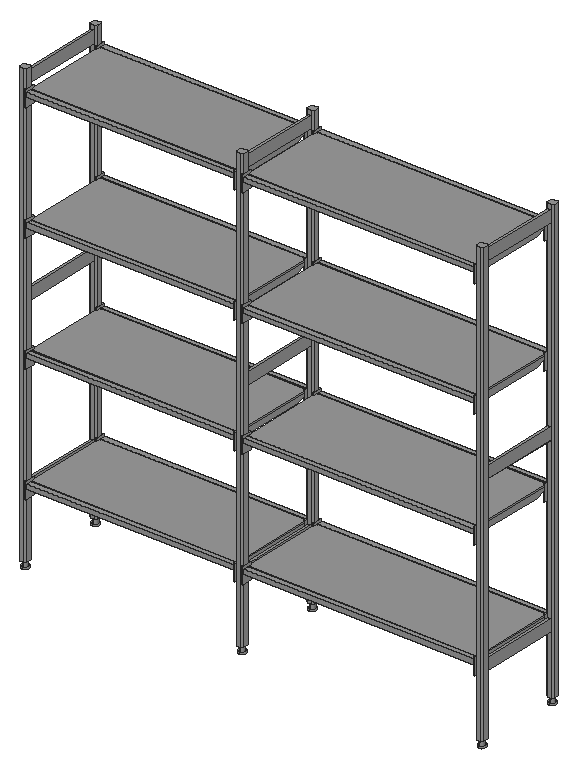
Revit family "QF_ZANUSSI_137021_ALS1784", category Attrezzature speciali, Revit 2020
Family settings
  Quota connettore circolare = Usa diametro
  Tipo di parte = Normale
  Basato su piano di lavoro = No
  Sempre verticale = Sì
  Taglio con vuoti quando caricato = No
  Condiviso = No
  Punto di calcolo locali = No
Parameters (values of type "Standard")
  Weight = 32.00 kg
  Watts = 0 W
  Volts = 0 V
  URL Manufacturer = "http://www.zanussiprofessional.com"
  URL = "http://www.zanussiprofessional.com"
  Steam Supply Size = 0 mm
  Steam Supply Minimum Pressure = 0.0 Pa
  Steam Supply Maximum Pressure = 0.0 Pa
  Steam Consumption per Hour = 0
  Refrigeration Suction Line Size = 0.0 mm
  Refrigeration Liquid Line Size = 0.0 mm
  Refrigerant Compressor Remote = yes
  Prospetto di default = 0.0 mm
  Phase = 0
  Modello = "ALS1784"
  Produttore = "Zanussi"
  Length Actual = 1784.0 mm  # constant formula
  Item Number = "137021"
  Hot Water Size = 0 mm
  Height Actual = 1700.0 mm  # constant formula
  HP = "0 HP"
  Gas Size = 0 mm
  Gas KW = 0
  Gas Input Pressure = 0 W
  Direct Waste Size = 0 mm
  Descrizione = "ALUM.LINEAR SHELV.-POLY.TIERS-373X1784MM"
  Depth Actual = 373.0 mm  # constant formula
  Cycle = 0 Hz
  Condensate Return Size = 0 mm
  Compressed Air Volume = 0.0 L/s
  Compressed Air Size = 0 mm
  Compressed Air Pressure = 0.0 Pa
  Cold Water Size = 0 mm
  Accessory = yes
Reference planes
  plane 1: z = 0
  plane 2 "CenterLeft": x = -31
  plane 3 "LEFT": x = -417
  plane 4 "BACK": y = 23
  plane 5 "FRONT": y = -350
  plane 6 "TOP": z = 1700
  plane 7: x = -385
  plane 8: x = 413
  plane 9 "Center (Front/Back)": y = -163.5
  plane 10: y = -8.5
  plane 11: y = -318.5
  plane 12 "FEET": z = 25
  plane 13: z = 275
  plane 14: z = 725
  plane 15: z = 1175
  plane 16: z = 1625
  plane 17 "CXLeft": x = -403
  plane 18 "Center (Left/Right)": x = 431
  plane 19: y = 5.5
  plane 20 "CYBack": y = 5.5
  plane 21 "CYFront": y = -332.5
  plane 22 "RIGHT": x = 1367
  plane 23: x = 1335
  plane 24 "CXRight": x = 1353
  plane 25: x = 449
Forms (mm)
  Extrusion 1, solid, material "QF_Aluminum"
    sketch origin (-417, 0, -4.006) x (0, 1, 0) y (0, 0, 1)
      loop
        line (-12, 1637.003) -> (4, 1637.003) -> (4, 1655) -> (2.007, 1655) -> (2.007, 1648.501) -> (-329, 1648.501) -> (-329, 1655) -> (-331, 1655) -> (-331, 1637.003) -> (-315, 1637.003) -> (-281, 1625) -> (-46, 1625) -> (-12, 1637.003)
      loop
        line (-12, 1187.003) -> (4, 1187.003) -> (4, 1205) -> (2.007, 1205) -> (2.007, 1198.501) -> (-329, 1198.501) -> (-329, 1205) -> (-331, 1205) -> (-331, 1187.003) -> (-315, 1187.003) -> (-281, 1175) -> (-46, 1175) -> (-12, 1187.003)
      loop
        line (-12, 737.003) -> (4, 737.003) -> (4, 755) -> (2.007, 755) -> (2.007, 748.501) -> (-329, 748.501) -> (-329, 755) -> (-331, 755) -> (-331, 737.003) -> (-315, 737.003) -> (-281, 725) -> (-46, 725) -> (-12, 737.003)
      loop
        line (-12, 287.003) -> (4, 287.003) -> (4, 305) -> (2.007, 305) -> (2.007, 298.501) -> (-329, 298.501) -> (-329, 305) -> (-331, 305) -> (-331, 287.003) -> (-315, 287.003) -> (-281, 275) -> (-46, 275) -> (-12, 287.003)
    from 37 to 32
  Extrusion 2, solid, material "QF_Aluminum"
    sketch origin (-417, 0, 0) x (0, 1, 0) y (0, 0, 1)
      loop
        line (23, 246.005) -> (23, 307.993) -> (-12.993, 307.993) -> (-12.993, 246.005) -> (23, 246.005)
      loop
        line (-350, 246.005) -> (-314.007, 246.005) -> (-314.007, 307.993) -> (-350, 307.993) -> (-350, 246.005)
      loop
        line (23, 696.005) -> (23, 757.993) -> (-12.993, 757.993) -> (-12.993, 696.005) -> (23, 696.005)
      loop
        line (-350, 696.005) -> (-314.007, 696.005) -> (-314.007, 757.993) -> (-350, 757.993) -> (-350, 696.005)
      loop
        line (23, 1146.005) -> (23, 1207.993) -> (-12.993, 1207.993) -> (-12.993, 1146.005) -> (23, 1146.005)
      loop
        line (-350, 1146.005) -> (-314.007, 1146.005) -> (-314.007, 1207.993) -> (-350, 1207.993) -> (-350, 1146.005)
      loop
        line (23, 1596.005) -> (23, 1657.993) -> (-12.993, 1657.993) -> (-12.993, 1596.005) -> (23, 1596.005)
      loop
        line (-350, 1596.005) -> (-314.007, 1596.005) -> (-314.007, 1657.993) -> (-350, 1657.993) -> (-350, 1596.005)
    from 28 to 32
  Extrusion 3, solid, material "QF_Aluminum"
    sketch origin (-417, 0, 0) x (0, 1, 0) y (0, 0, 1)
      loop
        line (4, 1650.994) -> (4, 1632.998) -> (23, 1632.998) -> (23, 1650.994) -> (4, 1650.994)
      loop
        line (-331, 1650.994) -> (-350, 1650.994) -> (-350, 1632.998) -> (-331, 1632.998) -> (-331, 1650.994)
      loop
        line (4, 1200.994) -> (4, 1182.998) -> (23, 1182.998) -> (23, 1200.994) -> (4, 1200.994)
      loop
        line (-331, 1200.994) -> (-350, 1200.994) -> (-350, 1182.998) -> (-331, 1182.998) -> (-331, 1200.994)
      loop
        line (4, 750.994) -> (4, 732.998) -> (23, 732.998) -> (23, 750.994) -> (4, 750.994)
      loop
        line (-331, 750.994) -> (-350, 750.994) -> (-350, 732.998) -> (-331, 732.998) -> (-331, 750.994)
      loop
        line (4, 300.994) -> (4, 282.998) -> (23, 282.998) -> (23, 300.994) -> (4, 300.994)
      loop
        line (-331, 300.994) -> (-350, 300.994) -> (-350, 282.998) -> (-331, 282.998) -> (-331, 300.994)
    from 32 to 830
  Extrusion 4, solid, material "QF_Polyethylene"
    sketch origin (-417, 0, 0) x (0, 1, 0) y (0, 0, 1)
      loop
        line (2.007, 1650.994) -> (-329, 1650.994) -> (-329, 1644.496) -> (2.007, 1644.496) -> (2.007, 1650.994)
      loop
        line (2.007, 1200.994) -> (-329, 1200.994) -> (-329, 1194.496) -> (2.007, 1194.496) -> (2.007, 1200.994)
      loop
        line (2.007, 750.994) -> (-329, 750.994) -> (-329, 744.496) -> (2.007, 744.496) -> (2.007, 750.994)
      loop
        line (2.007, 300.994) -> (-329, 300.994) -> (-329, 294.496) -> (2.007, 294.496) -> (2.007, 300.994)
    from 32 to 830
  Extrusion 5, solid, material "QF_Aluminum"
    sketch origin (1367, 0, 0) x (0, 1, 0) y (0, 0, 1)
      loop
        line (4, 1650.994) -> (4, 1632.998) -> (23, 1632.998) -> (23, 1650.994) -> (4, 1650.994)
      loop
        line (-331, 1650.994) -> (-350, 1650.994) -> (-350, 1632.998) -> (-331, 1632.998) -> (-331, 1650.994)
      loop
        line (4, 1200.994) -> (4, 1182.998) -> (23, 1182.998) -> (23, 1200.994) -> (4, 1200.994)
      loop
        line (-331, 1200.994) -> (-350, 1200.994) -> (-350, 1182.998) -> (-331, 1182.998) -> (-331, 1200.994)
      loop
        line (4, 750.994) -> (4, 732.998) -> (23, 732.998) -> (23, 750.994) -> (4, 750.994)
      loop
        line (-331, 750.994) -> (-350, 750.994) -> (-350, 732.998) -> (-331, 732.998) -> (-331, 750.994)
      loop
        line (4, 300.994) -> (4, 282.998) -> (23, 282.998) -> (23, 300.994) -> (4, 300.994)
      loop
        line (-331, 300.994) -> (-350, 300.994) -> (-350, 282.998) -> (-331, 282.998) -> (-331, 300.994)
    from -32 to -918
  Extrusion 6, solid, material "QF_Polyethylene"
    sketch origin (1367, 0, 0) x (0, 1, 0) y (0, 0, 1)
      loop
        line (2.007, 1650.994) -> (-329, 1650.994) -> (-329, 1644.496) -> (2.007, 1644.496) -> (2.007, 1650.994)
      loop
        line (2.007, 1200.994) -> (-329, 1200.994) -> (-329, 1194.496) -> (2.007, 1194.496) -> (2.007, 1200.994)
      loop
        line (2.007, 750.994) -> (-329, 750.994) -> (-329, 744.496) -> (2.007, 744.496) -> (2.007, 750.994)
      loop
        line (2.007, 300.994) -> (-329, 300.994) -> (-329, 294.496) -> (2.007, 294.496) -> (2.007, 300.994)
    from -32 to -918
Lines and regions (mm)
  symbolic lines
    curve 1: line (413, 4, 1700) -> (-385, 4, 1700)
    curve 2: line (-408, -8.5, 1700) -> (-408, -318.5, 1700)
    curve 3: line (-398, -318.5, 1700) -> (-398, -8.5, 1700)
    curve 4: line (-389, 23, 1700) -> (417, 23, 1700)
    curve 5: line (-385, -350, 1700) -> (413, -350, 1700)
    curve 6: line (445, 23, 1700) -> (1339, 23, 1700)
    curve 7: line (445, -350, 1700) -> (1339, -350, 1700)
    curve 8: line (-385, -331, 1700) -> (413, -331, 1700)
    curve 9: line (449, -331, 1700) -> (1335, -331, 1700)
    curve 10: line (449, 4, 1700) -> (1335, 4, 1700)
    curve 11: line (1335, -12.993, 1700) -> (1335, -314.007, 1700)
    curve 12: line (413, -12.993, 1700) -> (413, -314.007, 1700)
    curve 13: line (449, -314.007, 1700) -> (449, -12.993, 1700)
    curve 14: line (-385, -12.993, 1700) -> (-385, -314.007, 1700)
Dimensions and locks
  plane 3 "LEFT" to plane 2 "CenterLeft" = 386.0 mm
  locked: plane 6 "TOP" to level at 1700
  locked: plane 4 "BACK" to plane 5 "FRONT" at 373
  locked: plane 7 to plane 8 at 798
  locked: plane 10 to plane 11 at 310
  equal spacing: plane 10, plane 9 "Center (Front/Back)", plane 11
  equal spacing: plane 4 "BACK", plane 9 "Center (Front/Back)", plane 5 "FRONT"
  plane 12 "FEET" to level = 25.0 mm
  plane 6 "TOP" to plane 12 "FEET" = 1675.0 mm
  plane 13 to plane 12 "FEET" = 250.0 mm
  plane 14 to plane 13 = 450.0 mm
  plane 15 to plane 14 = 450.0 mm
  plane 16 to plane 15 = 450.0 mm
  locked: plane 4 "BACK" to plane 20 "CYBack" at 17.5
  locked: plane 21 "CYFront" to plane 5 "FRONT" at 17.5
  locked: plane 4 "BACK" to Extrusion 1 at 19
  locked: Extrusion 1 to plane 5 "FRONT" at 19
  Extrusion 1 sketch curve to plane 21 "CYFront" = 3.5 mm
  plane 3 "LEFT" to plane 22 "RIGHT" = 1784.0 mm
  locked: plane 25 to plane 23 at 886
  locked: plane 8 to plane 18 "Center (Left/Right)" at 18
  locked: plane 18 "Center (Left/Right)" to plane 25 at 18
  locked: plane 3 "LEFT" to plane 7 at 32
  locked: plane 24 "CXRight" to plane 22 "RIGHT" at 14
  aligned and locked: level to plane 1
  aligned and locked: plane 7 to Extrusion 1
  aligned and locked: Extrusion 2 to plane 7
  aligned and locked: plane 7 to Extrusion 4
  aligned and locked: Extrusion 4 to plane 8
  aligned and locked: plane 7 to Extrusion 3
  aligned and locked: Extrusion 3 to plane 8
  aligned and locked: Extrusion 3 sketch curve to Extrusion 1
  aligned and locked: Extrusion 1 to Extrusion 3 sketch curve
  aligned and locked: Extrusion 3 sketch curve to Extrusion 3 sketch curve  (x2)
  aligned and locked: Extrusion 1 sketch curve to Extrusion 1 sketch curve  (x3)
  aligned and locked: Extrusion 4 sketch curve to Extrusion 1  (x4)
  aligned and locked: Extrusion 5 sketch curve to Extrusion 5 sketch curve  (x2)
  aligned and locked: Extrusion 5 to plane 25
  aligned and locked: Extrusion 6 to plane 25
  aligned and locked: plane 18 "Center (Left/Right)" to nested 3
  aligned and locked: plane 17 "CXLeft" to nested 1
  aligned and locked: Extrusion 3 to plane 7  (x3)
  aligned and locked: plane 8 to Extrusion 3  (x4)
  aligned and locked: plane 25 to Extrusion 5  (x4)
  aligned and locked: plane 25 to Extrusion 6  (x4)
  aligned and locked: plane 8 to Extrusion 4  (x4)
  aligned and locked: plane 24 "CXRight" to nested 2
  aligned and locked: Extrusion 5 to plane 23
  aligned and locked: Extrusion 6 to plane 23
  aligned and locked: plane 23 to Extrusion 5  (x3)
  aligned and locked: plane 23 to Extrusion 6  (x3)
Automatic sketch dimensions
  plane 21 "CYFront" to Extrusion 1 sketch curve = 1.5 mm  (x4)
  plane 11 to Extrusion 1 sketch curve = 3.5 mm  (x4)
  Extrusion 1 sketch curve to plane 13 = 4.006 mm
  Extrusion 1 sketch curve to Extrusion 1 sketch curve = 34.0 mm  (x4)
  Extrusion 1 sketch curve to plane 14 = 4.006 mm
  Extrusion 1 sketch curve to plane 15 = 4.006 mm
  Extrusion 1 sketch curve to plane 16 = 4.006 mm
  Extrusion 1 sketch curve to plane 10 = 37.5 mm  (x4)
  Extrusion 1 sketch curve to plane 10 = 3.5 mm  (x4)
  plane 19 to Extrusion 1 sketch curve = 3.493 mm  (x4)
  plane 19 to Extrusion 1 sketch curve = 1.5 mm  (x4)
  plane 13 to Extrusion 1 sketch curve = 7.998 mm  (x2)
  Extrusion 1 sketch curve to Extrusion 1 sketch curve = 11.498 mm  (x4)
  Extrusion 1 sketch curve to Extrusion 1 sketch curve = 6.499 mm  (x8)
  plane 14 to Extrusion 1 sketch curve = 7.998 mm  (x2)
  plane 15 to Extrusion 1 sketch curve = 7.998 mm  (x2)
  plane 16 to Extrusion 1 sketch curve = 7.998 mm  (x2)
  Extrusion 2 sketch curve to plane 5 "FRONT" = 0.0 mm  (x4)
  Extrusion 2 sketch curve to plane 4 "BACK" = 0.0 mm  (x4)
  plane 11 to Extrusion 2 sketch curve = 4.493 mm  (x4)
  Extrusion 2 sketch curve to plane 10 = 4.493 mm  (x4)
  Extrusion 2 sketch curve to plane 13 = 28.995 mm  (x2)
  plane 13 to Extrusion 2 sketch curve = 32.993 mm  (x2)
  Extrusion 2 sketch curve to plane 14 = 28.995 mm  (x2)
  plane 14 to Extrusion 2 sketch curve = 32.993 mm  (x2)
  Extrusion 2 sketch curve to plane 15 = 28.995 mm  (x2)
  plane 15 to Extrusion 2 sketch curve = 32.993 mm  (x2)
  Extrusion 2 sketch curve to plane 16 = 28.995 mm  (x2)
  plane 16 to Extrusion 2 sketch curve = 32.993 mm  (x2)
  Extrusion 3 sketch curve to plane 5 "FRONT" = 0.0 mm  (x4)
  Extrusion 3 sketch curve to plane 4 "BACK" = 0.0 mm  (x4)
  plane 19 to Extrusion 3 sketch curve = 1.5 mm  (x4)
  plane 13 to Extrusion 3 sketch curve = 7.998 mm  (x2)
  Extrusion 3 sketch curve to Extrusion 3 sketch curve = 17.997 mm  (x8)
  plane 14 to Extrusion 3 sketch curve = 7.998 mm  (x2)
  plane 15 to Extrusion 3 sketch curve = 7.998 mm  (x2)
  plane 16 to Extrusion 3 sketch curve = 7.998 mm  (x2)
  plane 19 to Extrusion 4 sketch curve = 3.493 mm  (x4)
  plane 13 to Extrusion 4 sketch curve = 19.496 mm
  Extrusion 4 sketch curve to Extrusion 4 sketch curve = 6.499 mm  (x4)
  plane 14 to Extrusion 4 sketch curve = 19.496 mm
  plane 15 to Extrusion 4 sketch curve = 19.496 mm
  plane 16 to Extrusion 4 sketch curve = 19.496 mm
  Extrusion 5 sketch curve to plane 5 "FRONT" = 0.0 mm  (x4)
  Extrusion 5 sketch curve to plane 4 "BACK" = 0.0 mm  (x4)
  plane 21 "CYFront" to Extrusion 5 sketch curve = 1.5 mm  (x2)
  plane 19 to Extrusion 5 sketch curve = 1.5 mm  (x4)
  plane 13 to Extrusion 5 sketch curve = 7.998 mm  (x2)
  Extrusion 5 sketch curve to Extrusion 5 sketch curve = 17.997 mm  (x8)
  plane 14 to Extrusion 5 sketch curve = 7.998 mm  (x2)
  plane 15 to Extrusion 5 sketch curve = 7.998 mm  (x2)
  plane 16 to Extrusion 5 sketch curve = 7.998 mm  (x2)
  plane 21 "CYFront" to Extrusion 6 sketch curve = 3.5 mm  (x4)
  plane 19 to Extrusion 6 sketch curve = 3.493 mm  (x4)
  plane 13 to Extrusion 6 sketch curve = 19.496 mm
  Extrusion 6 sketch curve to Extrusion 6 sketch curve = 6.499 mm  (x4)
  plane 14 to Extrusion 6 sketch curve = 19.496 mm
  plane 15 to Extrusion 6 sketch curve = 19.496 mm
  plane 16 to Extrusion 6 sketch curve = 19.496 mm
  curve 7 to plane 5 "FRONT" = 0.0 mm
  curve 5 to plane 5 "FRONT" = 0.0 mm
  curve 8 to plane 8 = 0.0 mm
  curve 9 to plane 25 = 0.0 mm
  curve 9 to plane 23 = 0.0 mm
  curve 8 to plane 7 = 0.0 mm
  curve 2 to plane 11 = 0.0 mm
  curve 3 to plane 11 = 0.0 mm
  curve 14 to plane 7 = 0.0 mm
  curve 13 to plane 25 = 0.0 mm
  curve 12 to plane 8 = 0.0 mm
  curve 11 to plane 23 = 0.0 mm
  curve 3 to plane 10 = 0.0 mm
  curve 2 to plane 10 = 0.0 mm
  curve 1 to plane 8 = 0.0 mm
  curve 1 to plane 7 = 0.0 mm
  curve 10 to plane 23 = 0.0 mm
  curve 10 to plane 25 = 0.0 mm
  curve 4 to plane 4 "BACK" = 0.0 mm
  curve 6 to plane 4 "BACK" = 0.0 mm
  curve 5 to plane 8 = 0.0 mm
  curve 5 to plane 7 = 0.0 mm
  plane 21 "CYFront" to curve 8 = 1.5 mm
  plane 21 "CYFront" to curve 9 = 1.5 mm
  plane 11 to curve 14 = 4.493 mm
  plane 11 to curve 13 = 4.493 mm
  plane 11 to curve 12 = 4.493 mm
  plane 11 to curve 11 = 4.493 mm
  curve 14 to plane 10 = 4.493 mm
  curve 13 to plane 10 = 4.493 mm
  curve 12 to plane 10 = 4.493 mm
  curve 11 to plane 10 = 4.493 mm
  plane 19 to curve 1 = 1.5 mm
  plane 19 to curve 10 = 1.5 mm
  curve 6 to plane 23 = 4.0 mm
  curve 7 to plane 23 = 4.0 mm
  curve 6 to plane 25 = 4.0 mm
  curve 7 to plane 25 = 4.0 mm
  curve 4 to plane 8 = 4.0 mm
  plane 7 to curve 4 = 4.0 mm
  plane 17 "CXLeft" to curve 3 = 5.0 mm
  curve 2 to plane 17 "CXLeft" = 5.0 mm
Nested families
  nested 1: "WT_Anta373" at (0, 0, 0), type "WT_Anta373"
  nested 2: "WT_Anta373" at (950, 0, 0) x (-1, 0, 0) z (0, 0, 1), type "WT_Anta373"
  nested 3: "WT_Anta373Center" at (834, 0, 0), type "WT_Anta373Center"
Definition of nested family "WT_Anta373"
  Parameters
    WidthLeft = A + 64.0 mm  # 772.0 mm
    Width = 1606.0 mm
    Right = WidthLeft / 2  # 386.0 mm
    Default Elevation = 0.0 mm
    Left = -WidthLeft / 2  # -386.0 mm
    Height = 1725.0 mm
    FEET = 25.0 mm
    E = 0.0 mm
    Dint = Depth - 63.0 mm  # 310.0 mm
    Dext = Depth - 8.0 mm  # 365.0 mm
    Depth = 373.0 mm
    DX = (WidthLeft - A) / 2  # 32.0 mm
    B = 798.0 mm
    A = 708.0 mm
  Reference planes
    plane 1: z = 0
    plane 2 "LEFT": x = -417
    plane 3 "BACK": y = 23
    plane 4 "FRONT": y = -350
    plane 5 "TOP": z = 1725
    plane 6 "Center (Front/Back)": y = -163.5
    plane 7: y = -8.5
    plane 8: y = -318.5
    plane 9 "FEET": z = 25
    plane 10: z = 275
    plane 11: z = 725
    plane 12: z = 1175
    plane 13: z = 1625
    plane 14 "CXLeft": x = -403
    plane 15: y = 5.5
    plane 16 "CYBack": y = 5.5
    plane 17 "CYFront": y = -332.5
    plane 18: x = -385.031
    plane 19: x = -380.031
  Forms (mm)
    Extrusion 1, solid
      sketch origin (0, 0, 0) x (1, 0, 0) y (0, 1, 0)
        loop
          line (-417, 13.246) -> (-417, -2.246) -> (-410.746, -8.5) -> (-395.254, -8.5) -> (-389, -2.246) -> (-389, 13.246) -> (-395.254, 19.5) -> (-410.746, 19.5) -> (-417, 13.246)
      from 1725 to 25
    Extrusion 2, solid
      sketch origin (-417, 0, 0) x (0, 1, 0) y (0, 0, 1)
        loop
          line (23, 246.005) -> (23, 307.993) -> (-12.993, 307.993) -> (-12.993, 246.005) -> (23, 246.005)
        loop
          line (-350, 246.005) -> (-314.007, 246.005) -> (-314.007, 307.993) -> (-350, 307.993) -> (-350, 246.005)
        loop
          line (23, 696.005) -> (23, 757.993) -> (-12.993, 757.993) -> (-12.993, 696.005) -> (23, 696.005)
        loop
          line (-350, 696.005) -> (-314.007, 696.005) -> (-314.007, 757.993) -> (-350, 757.993) -> (-350, 696.005)
        loop
          line (23, 1146.005) -> (23, 1207.993) -> (-12.993, 1207.993) -> (-12.993, 1146.005) -> (23, 1146.005)
        loop
          line (-350, 1146.005) -> (-314.007, 1146.005) -> (-314.007, 1207.993) -> (-350, 1207.993) -> (-350, 1146.005)
        loop
          line (23, 1596.005) -> (23, 1657.993) -> (-12.993, 1657.993) -> (-12.993, 1596.005) -> (23, 1596.005)
        loop
          line (-350, 1596.005) -> (-314.007, 1596.005) -> (-314.007, 1657.993) -> (-350, 1657.993) -> (-350, 1596.005)
      from 28 to 32
    Revolve 3, solid
      sketch origin (-403, 0, 0) x (0, 1, 0) y (0, 0, 1)
        loop
          line (5.5, 25) -> (5.5, 0) -> (19, 0) -> (19, 5) -> (14, 5) -> (14, 25) -> (5.5, 25)
        axis (5.5, 25) -> (5.5, 0)
      angle from 0 to 360
    Extrusion 4, solid
      sketch origin (-403, 0, 0) x (0, 1, 0) y (0, 0, 1)
        loop
          line (-8.5, 912.382) -> (-8.5, 957.374) -> (-318.5, 957.374) -> (-318.5, 912.382) -> (-8.5, 912.382)
        loop
          line (-8.5, 1662.244) -> (-8.5, 1707.236) -> (-318.5, 1707.236) -> (-318.5, 1662.244) -> (-8.5, 1662.244)
      from -5 to 5
    Revolve 5, solid
      sketch origin (-403, -627, 0) x (0, -1, 0) y (0, 0, 1)
        loop
          line (-294.5, 25) -> (-294.5, 0) -> (-281, 0) -> (-281, 5) -> (-286, 5) -> (-286, 25) -> (-294.5, 25)
        axis (-294.5, 25) -> (-294.5, 0)
      angle from 0 to 360
    Extrusion 6, solid
      sketch origin (0, -627, 0) x (1, 0, 0) y (0, 1, 0)
        loop
          line (-417, 286.754) -> (-410.746, 280.5) -> (-395.254, 280.5) -> (-389, 286.754) -> (-389, 302.246) -> (-395.254, 308.5) -> (-410.746, 308.5) -> (-417, 302.246) -> (-417, 286.754)
      from 1725 to 25
    Extrusion 7, solid
      sketch origin (-417.031, -0.022, 0) x (0, 1, 0) y (0, 0, -1)
        loop
          line (-12, -1632.998) -> (-46, -1620.994) -> (-281, -1620.994) -> (-315, -1632.998) -> (-331, -1632.998) -> (-331, -1650.994) -> (-329, -1650.994) -> (-329, -1644.496) -> (2.007, -1644.496) -> (2.007, -1650.994) -> (4, -1650.994) -> (4, -1632.998) -> (-12, -1632.998)
        loop
          line (-12, -1182.998) -> (-46, -1170.994) -> (-281, -1170.994) -> (-315, -1182.998) -> (-331, -1182.998) -> (-331, -1200.994) -> (-329, -1200.994) -> (-329, -1194.496) -> (2.007, -1194.496) -> (2.007, -1200.994) -> (4, -1200.994) -> (4, -1182.998) -> (-12, -1182.998)
        loop
          line (-12, -732.998) -> (-46, -720.994) -> (-281, -720.994) -> (-315, -732.998) -> (-331, -732.998) -> (-331, -750.994) -> (-329, -750.994) -> (-329, -744.496) -> (2.007, -744.496) -> (2.007, -750.994) -> (4, -750.994) -> (4, -732.998) -> (-12, -732.998)
        loop
          line (-12, -282.998) -> (-46, -270.994) -> (-281, -270.994) -> (-315, -282.998) -> (-331, -282.998) -> (-331, -300.994) -> (-329, -300.994) -> (-329, -294.496) -> (2.007, -294.496) -> (2.007, -300.994) -> (4, -300.994) -> (4, -282.998) -> (-12, -282.998)
      from -32 to -37
    Extrusion 8, solid
      sketch origin (-403, 0, -659.878) x (0, 1, 0) y (0, 0, 1)
        loop
          line (-8.5, 912.382) -> (-8.5, 957.374) -> (-318.5, 957.374) -> (-318.5, 912.382) -> (-8.5, 912.382)
        loop
          line (-8.5, 1572.382) -> (-8.5, 1617.374) -> (-318.5, 1617.374) -> (-318.5, 1572.382) -> (-8.5, 1572.382)
        loop
          line (-8.5, 2322.382) -> (-8.5, 2367.374) -> (-318.5, 2367.374) -> (-318.5, 2322.382) -> (-8.5, 2322.382)
      from -5 to 5
  Lines and regions (mm)
    symbolic lines
      curve 1: line (-408, -8.5, 1725) -> (-408, -318.5, 1725)
      curve 2: line (-398, -318.5, 1725) -> (-398, -8.5, 1725)
      curve 3: line (-395.254, -8.5, 1725) -> (-410.746, -8.5, 1725)
      curve 4: line (-417, -2.246, 1725) -> (-410.746, -8.5, 1725)
      curve 5: line (-417, 13.246, 1725) -> (-417, -2.246, 1725)
      curve 6: line (-410.746, 19.5, 1725) -> (-417, 13.246, 1725)
      curve 7: line (-395.254, 19.5, 1725) -> (-410.746, 19.5, 1725)
      curve 8: line (-389, 13.246, 1725) -> (-395.254, 19.5, 1725)
      curve 9: line (-395.254, -8.5, 1725) -> (-389, -2.246, 1725)
      curve 10: line (-395.254, -318.5, 1725) -> (-410.746, -318.5, 1725)
      curve 11: line (-417, -324.754, 1725) -> (-410.746, -318.5, 1725)
      curve 12: line (-410.746, -346.5, 1725) -> (-417, -340.246, 1725)
      curve 13: line (-395.254, -346.5, 1725) -> (-410.746, -346.5, 1725)
      curve 14: line (-389, -340.246, 1725) -> (-395.254, -346.5, 1725)
      curve 15: line (-395.254, -318.5, 1725) -> (-389, -324.754, 1725)
      curve 16: line (-389, -350, 1725) -> (-389, -314.007, 1725)
      curve 17: line (-389, -314.007, 1725) -> (-385, -314.007, 1725)
      curve 18: line (-389, 23, 1725) -> (-389, -12.993, 1725)
      curve 19: line (-389, -12.993, 1725) -> (-385, -12.993, 1725)
      curve 20: line (-417, -324.754, 1725) -> (-417, -340.246, 1725)
      curve 21: line (-385, -350, 1725) -> (-385, -314.007, 1725)
      curve 22: line (-385, -350, 1725) -> (-389, -350, 1725)
      curve 23: line (-385, 23, 1725) -> (-389, 23, 1725)
      curve 24: line (-385, -12.993, 1725) -> (-385, 23, 1725)
      curve 25: line (-385.031, -13.016, 1725) -> (-385.031, -314.029, 1725)
  Dimensions and locks
    "Height": plane 5 "TOP" to level
    "Depth": plane 3 "BACK" to plane 4 "FRONT"
    "Dint": plane 7 to plane 8
    equal spacing: plane 7, plane 6 "Center (Front/Back)", plane 8
    equal spacing: plane 3 "BACK", plane 6 "Center (Front/Back)", plane 4 "FRONT"
    plane 9 "FEET" to level = 25.0 mm
    plane 5 "TOP" to plane 9 "FEET" = 1700.0 mm
    plane 10 to plane 9 "FEET" = 250.0 mm
    plane 11 to plane 10 = 450.0 mm
    plane 12 to plane 11 = 450.0 mm
    plane 13 to plane 12 = 450.0 mm
    locked: plane 2 "LEFT" to plane 14 "CXLeft" at 14
    locked: plane 3 "BACK" to plane 16 "CYBack" at 17.5
    locked: plane 17 "CYFront" to plane 4 "FRONT" at 17.5
    locked: Revolve 3 sketch curve to Revolve 3 sketch curve at 8.5
    locked: Revolve 3 sketch curve to plane 16 "CYBack" at 13.5
    locked: Revolve 5 sketch curve to Revolve 5 sketch curve at 8.5
    aligned and locked: level to plane 1
    aligned and locked: curve 20 to Extrusion 6
    aligned and locked: plane 5 "TOP" to Extrusion 1
    aligned and locked: plane 5 "TOP" to Extrusion 6
    aligned and locked: Extrusion 7 sketch curve to Extrusion 7 sketch curve  (x3)
  Automatic sketch dimensions
    curve 16 to plane 4 "FRONT" = 0.0 mm
    curve 11 to plane 8 = 0.0 mm
    curve 9 to plane 7 = 0.0 mm
    curve 5 to plane 2 "LEFT" = 0.0 mm
    curve 23 to plane 3 "BACK" = 0.0 mm
    plane 4 "FRONT" to curve 13 = 3.5 mm
    curve 20 to plane 17 "CYFront" = 7.746 mm
    curve 20 to plane 8 = 6.254 mm
    plane 8 to curve 16 = 4.493 mm
    curve 24 to plane 18 = 0.031 mm
    curve 24 to plane 7 = 4.493 mm
    plane 7 to curve 5 = 6.254 mm
    curve 5 to plane 15 = 7.746 mm
    curve 6 to plane 3 "BACK" = 3.5 mm
    curve 21 to plane 18 = 0.031 mm
    plane 18 to curve 23 = 3.969 mm
    plane 18 to curve 16 = 3.969 mm
    curve 18 to curve 8 = 6.254 mm
    curve 18 to curve 3 = 6.254 mm
    curve 16 to curve 13 = 6.254 mm
    curve 16 to curve 15 = 6.254 mm
    plane 2 "LEFT" to curve 10 = 6.254 mm
    plane 2 "LEFT" to curve 7 = 6.254 mm
    plane 2 "LEFT" to curve 12 = 6.254 mm
    plane 2 "LEFT" to curve 3 = 6.254 mm
    curve 14 to plane 17 "CYFront" = 7.746 mm
    curve 15 to plane 8 = 6.254 mm
    plane 7 to curve 9 = 6.254 mm
    curve 8 to plane 15 = 7.746 mm
    curve 3 to curve 2 = 2.746 mm
    curve 1 to curve 10 = 2.746 mm
    Extrusion 1 sketch curve to plane 2 "LEFT" = 0.0 mm
    Extrusion 1 sketch curve to plane 7 = 0.0 mm
    plane 2 "LEFT" to Extrusion 1 sketch curve = 6.254 mm  (x2)
    plane 14 "CXLeft" to Extrusion 1 sketch curve = 7.746 mm  (x2)
    Extrusion 1 sketch curve to plane 3 "BACK" = 3.5 mm
    plane 18 to Extrusion 1 sketch curve = 3.969 mm
    plane 7 to Extrusion 1 sketch curve = 6.254 mm  (x2)
    Extrusion 1 sketch curve to plane 15 = 7.746 mm  (x2)
    Extrusion 2 sketch curve to plane 4 "FRONT" = 0.0 mm  (x4)
    Extrusion 2 sketch curve to plane 3 "BACK" = 0.0 mm  (x4)
    plane 8 to Extrusion 2 sketch curve = 4.493 mm  (x4)
    Extrusion 2 sketch curve to plane 7 = 4.493 mm  (x4)
    Extrusion 2 sketch curve to plane 10 = 28.995 mm  (x2)
    plane 10 to Extrusion 2 sketch curve = 32.993 mm  (x2)
    Extrusion 2 sketch curve to plane 11 = 28.995 mm  (x2)
    plane 11 to Extrusion 2 sketch curve = 32.993 mm  (x2)
    Extrusion 2 sketch curve to plane 12 = 28.995 mm  (x2)
    plane 12 to Extrusion 2 sketch curve = 32.993 mm  (x2)
    Extrusion 2 sketch curve to plane 13 = 28.995 mm  (x2)
    plane 13 to Extrusion 2 sketch curve = 32.993 mm  (x2)
    Revolve 3 sketch curve to plane 9 "FEET" = 0.0 mm  (x2)
    Revolve 3 sketch curve to plane 15 = 0.0 mm  (x2)
    Revolve 3 sketch curve to level = 0.0 mm
    level to Revolve 3 sketch curve = 5.0 mm
    Revolve 3 sketch curve to Revolve 3 sketch curve = 11.655 mm
    Extrusion 4 sketch curve to plane 8 = 0.0 mm  (x2)
    Extrusion 4 sketch curve to plane 7 = 0.0 mm  (x2)
    plane 11 to Extrusion 4 sketch curve = 187.382 mm
    Extrusion 4 sketch curve to Extrusion 4 sketch curve = 44.992 mm
    plane 13 to Extrusion 4 sketch curve = 37.244 mm
    Extrusion 4 sketch curve to plane 5 "TOP" = 17.764 mm
    Revolve 5 sketch curve to plane 9 "FEET" = 0.0 mm  (x2)
    Revolve 5 sketch curve to plane 17 "CYFront" = 0.0 mm  (x2)
    Revolve 5 sketch curve to level = 0.0 mm
    Revolve 5 sketch curve to plane 4 "FRONT" = 4.0 mm
    Revolve 5 sketch curve to Revolve 5 sketch curve = 5.0 mm
    level to Revolve 5 sketch curve = 11.655 mm
    Extrusion 6 sketch curve to plane 2 "LEFT" = 0.0 mm
    Extrusion 6 sketch curve to plane 8 = 0.0 mm
    Extrusion 6 sketch curve to plane 2 "LEFT" = 6.254 mm  (x2)
    Extrusion 6 sketch curve to plane 14 "CXLeft" = 7.746 mm  (x2)
    Extrusion 6 sketch curve to plane 4 "FRONT" = 3.5 mm
    Extrusion 6 sketch curve to plane 18 = 3.969 mm
    plane 8 to Extrusion 6 sketch curve = 6.254 mm  (x2)
    plane 17 "CYFront" to Extrusion 6 sketch curve = 7.746 mm  (x2)
    plane 17 "CYFront" to Extrusion 7 sketch curve = 1.478 mm  (x4)
    Extrusion 7 sketch curve to Extrusion 7 sketch curve = 2.0 mm
    plane 8 to Extrusion 7 sketch curve = 3.478 mm  (x4)
    Extrusion 7 sketch curve to plane 10 = 4.006 mm
    Extrusion 7 sketch curve to Extrusion 7 sketch curve = 34.0 mm  (x4)
    Extrusion 7 sketch curve to plane 11 = 4.006 mm
    Extrusion 7 sketch curve to plane 12 = 4.006 mm
    Extrusion 7 sketch curve to plane 13 = 4.006 mm
    Extrusion 7 sketch curve to plane 7 = 37.522 mm  (x4)
    Extrusion 7 sketch curve to plane 7 = 3.522 mm  (x4)
    plane 15 to Extrusion 7 sketch curve = 3.516 mm  (x4)
    plane 15 to Extrusion 7 sketch curve = 1.522 mm  (x4)
    plane 13 to Extrusion 7 sketch curve = 7.998 mm  (x2)
    Extrusion 7 sketch curve to Extrusion 7 sketch curve = 11.498 mm
    Extrusion 7 sketch curve to Extrusion 7 sketch curve = 6.499 mm  (x5)
    plane 12 to Extrusion 7 sketch curve = 25.994 mm  (x2)
    plane 12 to Extrusion 7 sketch curve = 7.998 mm  (x2)
    plane 11 to Extrusion 7 sketch curve = 25.994 mm  (x2)
    plane 11 to Extrusion 7 sketch curve = 7.998 mm  (x2)
    plane 10 to Extrusion 7 sketch curve = 25.994 mm  (x2)
    plane 10 to Extrusion 7 sketch curve = 7.998 mm  (x2)
    curve 25 to plane 18 = 0.0 mm
    plane 8 to curve 25 = 4.471 mm
    curve 25 to plane 7 = 4.516 mm
    Extrusion 8 sketch curve to plane 8 = 0.0 mm  (x3)
    Extrusion 8 sketch curve to plane 7 = 0.0 mm  (x3)
    Extrusion 8 sketch curve to plane 10 = 22.496 mm
    plane 10 to Extrusion 8 sketch curve = 22.496 mm
    plane 11 to Extrusion 8 sketch curve = 187.504 mm
    Extrusion 8 sketch curve to Extrusion 8 sketch curve = 44.992 mm
    plane 13 to Extrusion 8 sketch curve = 37.504 mm
    Extrusion 8 sketch curve to plane 5 "TOP" = 17.504 mm
Definition of nested family "WT_Anta373Center"
  Parameters
    WidthLeft = A + 64.0 mm  # 772.0 mm
    Width = 1606.0 mm
    Right = WidthLeft / 2  # 386.0 mm
    Default Elevation = 0.0 mm
    Left = -WidthLeft / 2  # -386.0 mm
    Height = 1725.0 mm
    FEET = 25.0 mm
    E = 0.0 mm
    Dint = Depth - 63.0 mm  # 310.0 mm
    Dext = Depth - 8.0 mm  # 365.0 mm
    Depth = 373.0 mm
    DX = (WidthLeft - A) / 2  # 32.0 mm
    B = 798.0 mm
    A = 708.0 mm
  Reference planes
    plane 1: z = 0
    plane 2 "L": x = -417
    plane 3 "BACK": y = 23
    plane 4 "FRONT": y = -350
    plane 5 "TOP": z = 1725
    plane 6 "Center (Front/Back)": y = -163.5
    plane 7: y = -8.5
    plane 8: y = -318.5
    plane 9 "FEET": z = 25
    plane 10: z = 275
    plane 11: z = 725
    plane 12: z = 1175
    plane 13: z = 1625
    plane 14 "CXLeft": x = -403
    plane 15: y = 5.5
    plane 16 "CYBack": y = 5.5
    plane 17 "CYFront": y = -332.5
    plane 18: x = -385.031
    plane 19 "RIGHT": x = -380.031
    plane 20: x = -420.969
    plane 21 "LEFT": x = -425.969
  Forms (mm)
    Extrusion 1, solid
      sketch origin (0, 0, 0) x (1, 0, 0) y (0, 1, 0)
        loop
          line (-417, 13.246) -> (-417, -2.246) -> (-410.746, -8.5) -> (-395.254, -8.5) -> (-389, -2.246) -> (-389, 13.246) -> (-395.254, 19.5) -> (-410.746, 19.5) -> (-417, 13.246)
      from 1725 to 25
    Extrusion 2, solid
      sketch origin (-417, 0, 0) x (0, 1, 0) y (0, 0, 1)
        loop
          line (23, 246.005) -> (23, 307.993) -> (-12.993, 307.993) -> (-12.993, 246.005) -> (23, 246.005)
        loop
          line (-350, 246.005) -> (-314.007, 246.005) -> (-314.007, 307.993) -> (-350, 307.993) -> (-350, 246.005)
        loop
          line (23, 696.005) -> (23, 757.993) -> (-12.993, 757.993) -> (-12.993, 696.005) -> (23, 696.005)
        loop
          line (-350, 696.005) -> (-314.007, 696.005) -> (-314.007, 757.993) -> (-350, 757.993) -> (-350, 696.005)
        loop
          line (23, 1146.005) -> (23, 1207.993) -> (-12.993, 1207.993) -> (-12.993, 1146.005) -> (23, 1146.005)
        loop
          line (-350, 1146.005) -> (-314.007, 1146.005) -> (-314.007, 1207.993) -> (-350, 1207.993) -> (-350, 1146.005)
        loop
          line (23, 1596.005) -> (23, 1657.993) -> (-12.993, 1657.993) -> (-12.993, 1596.005) -> (23, 1596.005)
        loop
          line (-350, 1596.005) -> (-314.007, 1596.005) -> (-314.007, 1657.993) -> (-350, 1657.993) -> (-350, 1596.005)
      from 28 to 32
    Revolve 3, solid
      sketch origin (-403, 0, 0) x (0, 1, 0) y (0, 0, 1)
        loop
          line (5.5, 25) -> (5.5, 0) -> (19, 0) -> (19, 5) -> (14, 5) -> (14, 25) -> (5.5, 25)
        axis (5.5, 25) -> (5.5, 0)
      angle from 0 to 360
    Extrusion 4, solid
      sketch origin (-403, 0, 0) x (0, 1, 0) y (0, 0, 1)
        loop
          line (-8.5, 912.382) -> (-8.5, 957.374) -> (-318.5, 957.374) -> (-318.5, 912.382) -> (-8.5, 912.382)
        loop
          line (-8.5, 1662.244) -> (-8.5, 1707.236) -> (-318.5, 1707.236) -> (-318.5, 1662.244) -> (-8.5, 1662.244)
      from -5 to 5
    Revolve 5, solid
      sketch origin (-403, -627, 0) x (0, -1, 0) y (0, 0, 1)
        loop
          line (-294.5, 25) -> (-294.5, 0) -> (-281, 0) -> (-281, 5) -> (-286, 5) -> (-286, 25) -> (-294.5, 25)
        axis (-294.5, 25) -> (-294.5, 0)
      angle from 0 to 360
    Extrusion 6, solid
      sketch origin (0, -627, 0) x (1, 0, 0) y (0, 1, 0)
        loop
          line (-417, 286.754) -> (-410.746, 280.5) -> (-395.254, 280.5) -> (-389, 286.754) -> (-389, 302.246) -> (-395.254, 308.5) -> (-410.746, 308.5) -> (-417, 302.246) -> (-417, 286.754)
      from 1725 to 25
    Extrusion 7, solid
      sketch origin (-417.031, -0.022, 0) x (0, 1, 0) y (0, 0, -1)
        loop
          line (-12, -1632.998) -> (-46, -1620.994) -> (-281, -1620.994) -> (-315, -1632.998) -> (-331, -1632.998) -> (-331, -1650.994) -> (-329, -1650.994) -> (-329, -1644.496) -> (2.007, -1644.496) -> (2.007, -1650.994) -> (4, -1650.994) -> (4, -1632.998) -> (-12, -1632.998)
        loop
          line (-12, -1182.998) -> (-46, -1170.994) -> (-281, -1170.994) -> (-315, -1182.998) -> (-331, -1182.998) -> (-331, -1200.994) -> (-329, -1200.994) -> (-329, -1194.496) -> (2.007, -1194.496) -> (2.007, -1200.994) -> (4, -1200.994) -> (4, -1182.998) -> (-12, -1182.998)
        loop
          line (-12, -732.998) -> (-46, -720.994) -> (-281, -720.994) -> (-315, -732.998) -> (-331, -732.998) -> (-331, -750.994) -> (-329, -750.994) -> (-329, -744.496) -> (2.007, -744.496) -> (2.007, -750.994) -> (4, -750.994) -> (4, -732.998) -> (-12, -732.998)
        loop
          line (-12, -282.998) -> (-46, -270.994) -> (-281, -270.994) -> (-315, -282.998) -> (-331, -282.998) -> (-331, -300.994) -> (-329, -300.994) -> (-329, -294.496) -> (2.007, -294.496) -> (2.007, -300.994) -> (4, -300.994) -> (4, -282.998) -> (-12, -282.998)
      from -32 to -37
    Extrusion 8, solid
      sketch origin (-403, 0, -659.878) x (0, 1, 0) y (0, 0, 1)
        loop
          line (-8.5, 912.382) -> (-8.5, 957.374) -> (-318.5, 957.374) -> (-318.5, 912.382) -> (-8.5, 912.382)
        loop
          line (-8.5, 1572.382) -> (-8.5, 1617.374) -> (-318.5, 1617.374) -> (-318.5, 1572.382) -> (-8.5, 1572.382)
        loop
          line (-8.5, 2322.382) -> (-8.5, 2367.374) -> (-318.5, 2367.374) -> (-318.5, 2322.382) -> (-8.5, 2322.382)
      from -5 to 5
    Extrusion 9, solid
      sketch origin (-389, 0, 0) x (0, 1, 0) y (0, 0, -1)
        loop
          line (23, -246.005) -> (-12.993, -246.005) -> (-12.993, -307.993) -> (23, -307.993) -> (23, -246.005)
        loop
          line (-350, -246.005) -> (-350, -307.993) -> (-314.007, -307.993) -> (-314.007, -246.005) -> (-350, -246.005)
        loop
          line (23, -696.005) -> (-12.993, -696.005) -> (-12.993, -757.993) -> (23, -757.993) -> (23, -696.005)
        loop
          line (-350, -696.005) -> (-350, -757.993) -> (-314.007, -757.993) -> (-314.007, -696.005) -> (-350, -696.005)
        loop
          line (23, -1146.005) -> (-12.993, -1146.005) -> (-12.993, -1207.993) -> (23, -1207.993) -> (23, -1146.005)
        loop
          line (-350, -1146.005) -> (-350, -1207.993) -> (-314.007, -1207.993) -> (-314.007, -1146.005) -> (-350, -1146.005)
        loop
          line (23, -1596.005) -> (-12.993, -1596.005) -> (-12.993, -1657.993) -> (23, -1657.993) -> (23, -1596.005)
        loop
          line (-350, -1596.005) -> (-350, -1657.993) -> (-314.007, -1657.993) -> (-314.007, -1596.005) -> (-350, -1596.005)
      from 28 to 32
    Extrusion 10, solid
      sketch origin (-388.969, -0.022, 0) x (0, 1, 0) y (0, 0, 1)
        loop
          line (-12, 1632.998) -> (4, 1632.998) -> (4, 1650.994) -> (2.007, 1650.994) -> (2.007, 1644.496) -> (-329, 1644.496) -> (-329, 1650.994) -> (-331, 1650.994) -> (-331, 1632.998) -> (-315, 1632.998) -> (-281, 1620.994) -> (-46, 1620.994) -> (-12, 1632.998)
        loop
          line (-12, 1182.998) -> (4, 1182.998) -> (4, 1200.994) -> (2.007, 1200.994) -> (2.007, 1194.496) -> (-329, 1194.496) -> (-329, 1200.994) -> (-331, 1200.994) -> (-331, 1182.998) -> (-315, 1182.998) -> (-281, 1170.994) -> (-46, 1170.994) -> (-12, 1182.998)
        loop
          line (-12, 732.998) -> (4, 732.998) -> (4, 750.994) -> (2.007, 750.994) -> (2.007, 744.496) -> (-329, 744.496) -> (-329, 750.994) -> (-331, 750.994) -> (-331, 732.998) -> (-315, 732.998) -> (-281, 720.994) -> (-46, 720.994) -> (-12, 732.998)
        loop
          line (-12, 282.998) -> (4, 282.998) -> (4, 300.994) -> (2.007, 300.994) -> (2.007, 294.496) -> (-329, 294.496) -> (-329, 300.994) -> (-331, 300.994) -> (-331, 282.998) -> (-315, 282.998) -> (-281, 270.994) -> (-46, 270.994) -> (-12, 282.998)
      from -32 to -37
  Lines and regions (mm)
    symbolic lines
      curve 1: line (-408, -8.5, 1725) -> (-408, -318.5, 1725)
      curve 2: line (-398, -318.5, 1725) -> (-398, -8.5, 1725)
      curve 3: line (-395.254, -8.5, 1725) -> (-410.746, -8.5, 1725)
      curve 4: line (-417, -2.246, 1725) -> (-410.746, -8.5, 1725)
      curve 5: line (-410.746, 19.5, 1725) -> (-417, 13.246, 1725)
      curve 6: line (-395.254, 19.5, 1725) -> (-410.746, 19.5, 1725)
      curve 7: line (-389, 13.246, 1725) -> (-395.254, 19.5, 1725)
      curve 8: line (-395.254, -8.5, 1725) -> (-389, -2.246, 1725)
      curve 9: line (-395.254, -318.5, 1725) -> (-410.746, -318.5, 1725)
      curve 10: line (-417, -324.754, 1725) -> (-410.746, -318.5, 1725)
      curve 11: line (-410.746, -346.5, 1725) -> (-417, -340.246, 1725)
      curve 12: line (-395.254, -346.5, 1725) -> (-410.746, -346.5, 1725)
      curve 13: line (-389, -340.246, 1725) -> (-395.254, -346.5, 1725)
      curve 14: line (-395.254, -318.5, 1725) -> (-389, -324.754, 1725)
      curve 15: line (-389, -350, 1725) -> (-389, -314.007, 1725)
      curve 16: line (-389, -314.007, 1725) -> (-385, -314.007, 1725)
      curve 17: line (-389, 23, 1725) -> (-389, -12.993, 1725)
      curve 18: line (-389, -12.993, 1725) -> (-385, -12.993, 1725)
      curve 19: line (-385, -350, 1725) -> (-385, -314.007, 1725)
      curve 20: line (-385, -350, 1725) -> (-389, -350, 1725)
      curve 21: line (-385, 23, 1725) -> (-389, 23, 1725)
      curve 22: line (-385, -12.993, 1725) -> (-385, 23, 1725)
      curve 23: line (-385.031, -13.016, 1725) -> (-385.031, -314.029, 1725)
      curve 24: line (-417, -350, 1725) -> (-417, -314.007, 1725)
      curve 25: line (-417, -314.007, 1725) -> (-421, -314.007, 1725)
      curve 26: line (-417, 23, 1725) -> (-417, -12.993, 1725)
      curve 27: line (-417, -12.993, 1725) -> (-421, -12.993, 1725)
      curve 28: line (-421, -350, 1725) -> (-421, -314.007, 1725)
      curve 29: line (-421, -350, 1725) -> (-417, -350, 1725)
      curve 30: line (-421, 23, 1725) -> (-417, 23, 1725)
      curve 31: line (-421, -12.993, 1725) -> (-421, 23, 1725)
      curve 32: line (-420.969, -13.016, 1725) -> (-420.969, -314.029, 1725)
  Dimensions and locks
    "Height": plane 5 "TOP" to level
    "Depth": plane 3 "BACK" to plane 4 "FRONT"
    "Dint": plane 7 to plane 8
    equal spacing: plane 7, plane 6 "Center (Front/Back)", plane 8
    equal spacing: plane 3 "BACK", plane 6 "Center (Front/Back)", plane 4 "FRONT"
    plane 9 "FEET" to level = 25.0 mm
    plane 5 "TOP" to plane 9 "FEET" = 1700.0 mm
    plane 10 to plane 9 "FEET" = 250.0 mm
    plane 11 to plane 10 = 450.0 mm
    plane 12 to plane 11 = 450.0 mm
    plane 13 to plane 12 = 450.0 mm
    locked: plane 3 "BACK" to plane 16 "CYBack" at 17.5
    locked: plane 17 "CYFront" to plane 4 "FRONT" at 17.5
    locked: Revolve 3 sketch curve to Revolve 3 sketch curve at 8.5
    locked: Revolve 3 sketch curve to plane 16 "CYBack" at 13.5
    locked: Revolve 5 sketch curve to Revolve 5 sketch curve at 8.5
    aligned and locked: level to plane 1
    aligned and locked: plane 5 "TOP" to Extrusion 1
    aligned and locked: plane 5 "TOP" to Extrusion 6
    aligned and locked: Extrusion 7 sketch curve to Extrusion 7 sketch curve  (x3)
    aligned and locked: Extrusion 10 sketch curve to Extrusion 10 sketch curve  (x3)
  Automatic sketch dimensions
    curve 15 to plane 4 "FRONT" = 0.0 mm
    curve 28 to plane 4 "FRONT" = 0.0 mm
    curve 9 to plane 8 = 0.0 mm
    curve 25 to plane 2 "L" = 0.0 mm
    curve 8 to plane 7 = 0.0 mm
    curve 17 to plane 3 "BACK" = 0.0 mm
    curve 30 to plane 3 "BACK" = 0.0 mm
    plane 4 "FRONT" to curve 11 = 3.5 mm
    curve 19 to plane 18 = 0.031 mm
    plane 8 to curve 19 = 4.493 mm
    plane 8 to curve 25 = 4.493 mm
    curve 27 to plane 20 = 0.031 mm
    curve 27 to plane 7 = 4.493 mm
    curve 17 to plane 7 = 4.493 mm
    curve 5 to plane 15 = 7.746 mm
    curve 7 to plane 3 "BACK" = 3.5 mm
    curve 18 to plane 18 = 0.031 mm
    plane 18 to curve 21 = 3.969 mm
    plane 18 to curve 20 = 3.969 mm
    curve 15 to curve 9 = 6.254 mm
    curve 17 to curve 7 = 6.254 mm
    curve 17 to curve 3 = 6.254 mm
    curve 15 to curve 12 = 6.254 mm
    plane 2 "L" to curve 12 = 6.254 mm
    plane 2 "L" to curve 4 = 6.254 mm
    plane 2 "L" to curve 10 = 6.254 mm
    plane 2 "L" to curve 5 = 6.254 mm
    curve 28 to plane 20 = 0.031 mm
    curve 13 to plane 17 "CYFront" = 7.746 mm
    curve 14 to plane 8 = 6.254 mm
    plane 7 to curve 8 = 6.254 mm
    curve 7 to plane 15 = 7.746 mm
    curve 9 to curve 2 = 2.746 mm
    curve 1 to curve 9 = 2.746 mm
    Extrusion 1 sketch curve to plane 2 "L" = 0.0 mm
    Extrusion 1 sketch curve to plane 7 = 0.0 mm
    plane 2 "L" to Extrusion 1 sketch curve = 6.254 mm  (x2)
    plane 14 "CXLeft" to Extrusion 1 sketch curve = 7.746 mm  (x2)
    Extrusion 1 sketch curve to plane 3 "BACK" = 3.5 mm
    plane 18 to Extrusion 1 sketch curve = 3.969 mm
    plane 7 to Extrusion 1 sketch curve = 6.254 mm  (x2)
    Extrusion 1 sketch curve to plane 15 = 7.746 mm  (x2)
    Extrusion 2 sketch curve to plane 4 "FRONT" = 0.0 mm  (x4)
    Extrusion 2 sketch curve to plane 3 "BACK" = 0.0 mm  (x4)
    plane 8 to Extrusion 2 sketch curve = 4.493 mm  (x4)
    Extrusion 2 sketch curve to plane 7 = 4.493 mm  (x4)
    Extrusion 2 sketch curve to plane 10 = 28.995 mm  (x2)
    plane 10 to Extrusion 2 sketch curve = 32.993 mm  (x2)
    Extrusion 2 sketch curve to plane 11 = 28.995 mm  (x2)
    plane 11 to Extrusion 2 sketch curve = 32.993 mm  (x2)
    Extrusion 2 sketch curve to plane 12 = 28.995 mm  (x2)
    plane 12 to Extrusion 2 sketch curve = 32.993 mm  (x2)
    Extrusion 2 sketch curve to plane 13 = 28.995 mm  (x2)
    plane 13 to Extrusion 2 sketch curve = 32.993 mm  (x2)
    Revolve 3 sketch curve to plane 9 "FEET" = 0.0 mm  (x2)
    Revolve 3 sketch curve to plane 15 = 0.0 mm  (x2)
    Revolve 3 sketch curve to level = 0.0 mm
    level to Revolve 3 sketch curve = 5.0 mm
    Revolve 3 sketch curve to Revolve 3 sketch curve = 11.655 mm
    Extrusion 4 sketch curve to plane 8 = 0.0 mm  (x2)
    Extrusion 4 sketch curve to plane 7 = 0.0 mm  (x2)
    plane 11 to Extrusion 4 sketch curve = 187.382 mm
    Extrusion 4 sketch curve to Extrusion 4 sketch curve = 44.992 mm
    plane 13 to Extrusion 4 sketch curve = 37.244 mm
    Extrusion 4 sketch curve to plane 5 "TOP" = 17.764 mm
    Revolve 5 sketch curve to plane 9 "FEET" = 0.0 mm  (x2)
    Revolve 5 sketch curve to plane 17 "CYFront" = 0.0 mm  (x2)
    Revolve 5 sketch curve to level = 0.0 mm
    Revolve 5 sketch curve to plane 4 "FRONT" = 4.0 mm
    Revolve 5 sketch curve to Revolve 5 sketch curve = 5.0 mm
    level to Revolve 5 sketch curve = 11.655 mm
    Extrusion 6 sketch curve to plane 2 "L" = 0.0 mm
    Extrusion 6 sketch curve to plane 8 = 0.0 mm
    Extrusion 6 sketch curve to plane 2 "L" = 6.254 mm  (x2)
    Extrusion 6 sketch curve to plane 14 "CXLeft" = 7.746 mm  (x2)
    Extrusion 6 sketch curve to plane 4 "FRONT" = 3.5 mm
    Extrusion 6 sketch curve to plane 18 = 3.969 mm
    plane 8 to Extrusion 6 sketch curve = 6.254 mm  (x2)
    plane 17 "CYFront" to Extrusion 6 sketch curve = 7.746 mm  (x2)
    plane 17 "CYFront" to Extrusion 7 sketch curve = 1.478 mm  (x4)
    Extrusion 7 sketch curve to Extrusion 7 sketch curve = 2.0 mm
    plane 8 to Extrusion 7 sketch curve = 3.478 mm  (x4)
    Extrusion 7 sketch curve to plane 10 = 4.006 mm
    Extrusion 7 sketch curve to Extrusion 7 sketch curve = 34.0 mm  (x4)
    Extrusion 7 sketch curve to plane 11 = 4.006 mm
    Extrusion 7 sketch curve to plane 12 = 4.006 mm
    Extrusion 7 sketch curve to plane 13 = 4.006 mm
    Extrusion 7 sketch curve to plane 7 = 37.522 mm  (x4)
    Extrusion 7 sketch curve to plane 7 = 3.522 mm  (x4)
    plane 15 to Extrusion 7 sketch curve = 3.516 mm  (x4)
    plane 15 to Extrusion 7 sketch curve = 1.522 mm  (x4)
    plane 13 to Extrusion 7 sketch curve = 7.998 mm  (x2)
    Extrusion 7 sketch curve to Extrusion 7 sketch curve = 11.498 mm
    Extrusion 7 sketch curve to Extrusion 7 sketch curve = 6.499 mm  (x5)
    plane 12 to Extrusion 7 sketch curve = 25.994 mm  (x2)
    plane 12 to Extrusion 7 sketch curve = 7.998 mm  (x2)
    plane 11 to Extrusion 7 sketch curve = 25.994 mm  (x2)
    plane 11 to Extrusion 7 sketch curve = 7.998 mm  (x2)
    plane 10 to Extrusion 7 sketch curve = 25.994 mm  (x2)
    plane 10 to Extrusion 7 sketch curve = 7.998 mm  (x2)
    curve 23 to plane 18 = 0.0 mm
    curve 32 to plane 20 = 0.0 mm
    plane 8 to curve 23 = 4.471 mm
    plane 8 to curve 32 = 4.471 mm
    curve 32 to plane 7 = 4.516 mm
    curve 23 to plane 7 = 4.516 mm
    Extrusion 8 sketch curve to plane 8 = 0.0 mm  (x3)
    Extrusion 8 sketch curve to plane 7 = 0.0 mm  (x3)
    Extrusion 8 sketch curve to plane 10 = 22.496 mm
    plane 10 to Extrusion 8 sketch curve = 22.496 mm
    plane 11 to Extrusion 8 sketch curve = 187.504 mm
    Extrusion 8 sketch curve to Extrusion 8 sketch curve = 44.992 mm
    plane 13 to Extrusion 8 sketch curve = 37.504 mm
    Extrusion 8 sketch curve to plane 5 "TOP" = 17.504 mm
    Extrusion 9 sketch curve to plane 4 "FRONT" = 0.0 mm  (x4)
    Extrusion 9 sketch curve to plane 3 "BACK" = 0.0 mm  (x4)
    plane 8 to Extrusion 9 sketch curve = 4.493 mm  (x4)
    Extrusion 9 sketch curve to plane 7 = 4.493 mm  (x4)
    plane 13 to Extrusion 9 sketch curve = 32.993 mm  (x2)
    Extrusion 9 sketch curve to plane 13 = 28.995 mm  (x2)
    plane 12 to Extrusion 9 sketch curve = 32.993 mm  (x2)
    Extrusion 9 sketch curve to plane 12 = 28.995 mm  (x2)
    plane 11 to Extrusion 9 sketch curve = 32.993 mm  (x2)
    Extrusion 9 sketch curve to plane 11 = 28.995 mm  (x2)
    plane 10 to Extrusion 9 sketch curve = 32.993 mm  (x2)
    Extrusion 9 sketch curve to plane 10 = 28.995 mm  (x2)
    plane 17 "CYFront" to Extrusion 10 sketch curve = 1.478 mm  (x4)
    Extrusion 10 sketch curve to Extrusion 10 sketch curve = 2.0 mm
    plane 8 to Extrusion 10 sketch curve = 3.478 mm  (x4)
    Extrusion 10 sketch curve to plane 10 = 4.006 mm
    Extrusion 10 sketch curve to Extrusion 10 sketch curve = 34.0 mm  (x4)
    Extrusion 10 sketch curve to plane 11 = 4.006 mm
    Extrusion 10 sketch curve to plane 12 = 4.006 mm
    Extrusion 10 sketch curve to plane 13 = 4.006 mm
    Extrusion 10 sketch curve to plane 7 = 37.522 mm  (x4)
    Extrusion 10 sketch curve to plane 7 = 3.522 mm  (x4)
    plane 15 to Extrusion 10 sketch curve = 3.516 mm  (x4)
    plane 15 to Extrusion 10 sketch curve = 1.522 mm  (x4)
    plane 10 to Extrusion 10 sketch curve = 7.998 mm  (x2)
    Extrusion 10 sketch curve to Extrusion 10 sketch curve = 11.498 mm  (x4)
    Extrusion 10 sketch curve to Extrusion 10 sketch curve = 6.499 mm  (x8)
    plane 11 to Extrusion 10 sketch curve = 7.998 mm  (x2)
    plane 12 to Extrusion 10 sketch curve = 7.998 mm  (x2)
    plane 13 to Extrusion 10 sketch curve = 7.998 mm  (x2)
    curve 4 to plane 2 "L" = 0.0 mm
    plane 7 to curve 4 = 6.254 mm
    curve 11 to plane 17 "CYFront" = 7.746 mm
    curve 10 to plane 8 = 6.254 mm
